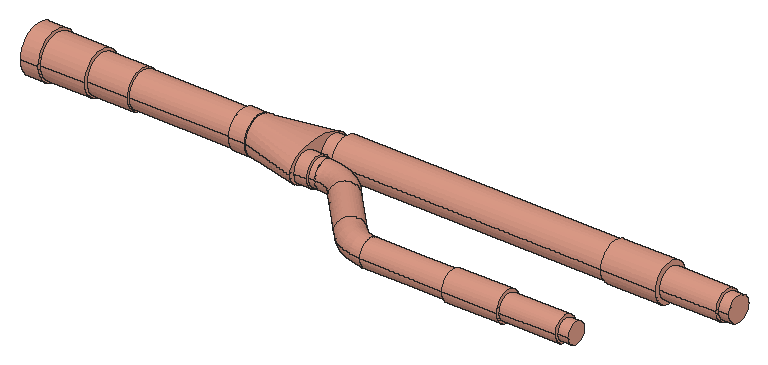
Revit family "outputfile", category 配管付属品, Revit 2024
Family settings
  丸型コネクタ寸法 = 半径を使用
  パーツ タイプ = 標準
  OmniClass 番号 = 23.65.55.00
  OmniClass タイトル = Distribution of Supplied Liquids/Gases
  作業面ベース = いいえ
  常に垂直 = はい
  ロード時にボイドで切り取り = いいえ
  共有 = いいえ
Parameters (values of type "BHRP26A72TA")
  製造元 = "Daikin"
  書き出し IFC クラス(タイプ) = "IfcPipeFittingType"
  既定の高さ = 0.0 mm
  定義済み IFC タイプ(タイプ) = "JUNCTION"
  モデル = "BHRP26A72TA"
  table_StraightPipe [instance] = if(mm⇔inch, "Refnet Joint_BHRP26A-TA_Gas_StraightPipe", "Refnet Joint_BHRP26A-TA_Gas_StraightPipe_inch")  # "Refnet Joint_BHRP26A-TA_Gas_StraightPipe"
  table_BranchPipe [instance] = if(mm⇔inch, "Refnet Joint_BHRP26A-TA_Gas_BranchPipe", "Refnet Joint_BHRP26A-TA_Gas_BranchPipe_inch")  # "Refnet Joint_BHRP26A-TA_Gas_BranchPipe"
  table_Inlet [instance] = if(mm⇔inch, "Refnet Joint_BHRP26A-TA_Gas_Inlet", "Refnet Joint_BHRP26A-TA_Gas_Inlet_inch")  # "Refnet Joint_BHRP26A-TA_Gas_Inlet"
  switch_StraightPipe_Reducer [instance] = if(Is_StraightPipe Reducer = 1, 1 = 1, 1 = 0)  # no
  switch_StraightPipe3 [instance] = if(number_StraightPipe = 3, 1 = 1, 1 = 0)  # yes
  switch_StraightPipe2 [instance] = if(number_StraightPipe < 2, 1 = 0, 1 = 1)  # yes
  switch_BranchPipe_Reducer [instance] = if(Is_BranchPipe Reducer = 1, 1 = 1, 1 = 0)  # no
  switch_BranchPipe3 [instance] = if(number_BranchPipe = 3, 1 = 1, 1 = 0)  # yes
  switch_BranchPipe2 [instance] = if(number_BranchPipe < 2, 1 = 0, 1 = 1)  # yes
  switch_Inlet pipe_Reducer [instance] = if(Is_Inlet Reducer = 1, 1 = 1, 1 = 0)  # no
  switch_Inlet pipe3 [instance] = if(number_InletPipe = 3, 1 = 1, 1 = 0)  # yes
  switch_Inlet pipe2 [instance] = if(number_InletPipe < 2, 1 = 0, 1 = 1)  # yes
  mm⇔inch [instance] = yes
  l_OutletPipeSize [instance] = size_lookup(table_Inlet, "L_OutletPipeSize", 10.0 mm, モデル)  # 10.0 mm
  Uniclass2015Version = "Products v1.31"
  Uniclass2015Title = "Copper pipe fittings"
  Uniclass2015Code = "Pr_65_52_63_18"
  StraightPipe_Gas_ActualDiameter [instance] = 15.9 mm
  Material_Piping = DAIKIN_Copper_Pipe
  Material_Insulation = DAIKIN_White_Insulation
  lw_Insulation [instance] = size_lookup(table_Inlet, "lw_Insulation", 59.9 mm, モデル)  # 55.5 mm
  Unit Type = "BHRP26A-TA_Gas"
  Tag No. [instance] = ""
  StraightPipe_Gas_Status [instance] = size_lookup(table_StraightPipe, "Information", "The connected pipe size is not available.", モデル, StraightPipe_Gas_ActualDiameter)  # "Default connector size is used."
  Link_Nested Family [instance] = ""
  Inlet_Gas_Actual Diameter [instance] = 31.8 mm
  IfcVersion = ""
  IfcExportType = "JUNCTION"
  IfcExportAs = "IfcPipeFittingType"
  BranchPipe_Gas_Status [instance] = size_lookup(table_BranchPipe, "Information", "The connected pipe size is not available.", モデル, BranchPipe_Gas_ActualDiameter)  # "Default connector size is used."
  Inlet_Gas_Status [instance] = size_lookup(table_Inlet, "Information", "The connected pipe size is not available.", モデル, Inlet_Gas_Actual Diameter)  # "Default connector size is used."
  Series = "Refnet Joint"
  O.R_dividePipe_Inlet [instance] = (I.D_InletPipe1 + 2.0 mm) / 2  # 13.7 mm
  r_StraightPipe_Connector [instance] = StraightPipe_Gas_ActualDiameter / 2  # 7.95 mm
  r_BranchPipe_Connector [instance] = BranchPipe_Gas_ActualDiameter / 2  # 6.35 mm
  r_Inlet_Connector [instance] = Inlet_Gas_Actual Diameter / 2  # 15.9 mm
  number_StraightPipe [instance] = size_lookup(table_StraightPipe, "pipeNumber", 2, モデル, StraightPipe_Gas_ActualDiameter)  # 3
  number_BranchPipe [instance] = size_lookup(table_BranchPipe, "pipeNumber", 2, モデル, BranchPipe_Gas_ActualDiameter)  # 3
  number_InletPipe [instance] = size_lookup(table_Inlet, "pipeNumber", 3, モデル, Inlet_Gas_Actual Diameter)  # 3
  r_BranchPipeR [instance] = size_lookup(table_BranchPipe, "r_offsetPipeR", 25.0 mm, モデル, BranchPipe_Gas_ActualDiameter)  # 30.0 mm
  l_BranchPipe_Straight2 [instance] = size_lookup(table_BranchPipe, "L_offsetPipe2", 44.0 mm, モデル)  # 61.0 mm
  l_BranchPipe_Straight1 [instance] = size_lookup(table_BranchPipe, "L_offsetPipe1", 5.0 mm, モデル)  # 5.0 mm
  l_BranchPipe connector [instance] = size_lookup(table_BranchPipe, "Length", 170.0 mm, モデル, BranchPipe_Gas_ActualDiameter)  # 243.0 mm
  l_inlet connector [instance] = size_lookup(table_Inlet, "Length", 130.0 mm, モデル, Inlet_Gas_Actual Diameter)  # 162.0 mm
  l_dividePipe [instance] = size_lookup(table_Inlet, "L_devidePipe", 38.0 mm, モデル)  # 43.0 mm
  l_StraightPipeReducer [instance] = size_lookup(table_StraightPipe, "L_Reducer", 80.0 mm, モデル, StraightPipe_Gas_ActualDiameter)  # 100.0 mm
  l_StraightPipe3 [instance] = size_lookup(table_StraightPipe, "L_Pipe3", 2.0 mm, モデル)  # 8.0 mm
  l_StraightPipe2 [instance] = size_lookup(table_StraightPipe, "L_Pipe2", 9.0 mm, モデル)  # 42.0 mm
  l_StraightPipe1 [instance] = size_lookup(table_StraightPipe, "L_Pipe1", 40.0 mm, モデル)  # 40.0 mm
  l_StraightPipe0 [instance] = size_lookup(table_StraightPipe, "L_Pipe0", 153.0 mm, モデル)  # 198.0 mm
  l_StraightPipe connector [instance] = size_lookup(table_StraightPipe, "Length", 212.0 mm, モデル, StraightPipe_Gas_ActualDiameter)  # 298.0 mm
  l_BranchPipe Reducer [instance] = size_lookup(table_BranchPipe, "L_Reducer", 80.0 mm, モデル, BranchPipe_Gas_ActualDiameter)  # 100.0 mm
  l_BranchPipe3 [instance] = size_lookup(table_BranchPipe, "L_Pipe3", 2.0 mm, モデル)  # 8.0 mm
  l_BranchPipe2 [instance] = size_lookup(table_BranchPipe, "L_Pipe2", 9.0 mm, モデル)  # 42.0 mm
  l_BranchPipe1 [instance] = size_lookup(table_BranchPipe, "L_Pipe1", 40.0 mm, モデル)  # 40.0 mm
  l_BranchPipe0 [instance] = size_lookup(table_BranchPipe, "L_Pipe0", 111.0 mm, モデル)  # 143.0 mm
  l_InletReducer [instance] = size_lookup(table_Inlet, "L_Reducer", 100.0 mm, モデル, Inlet_Gas_Actual Diameter)  # 100.0 mm
  l_InletPipe3 [instance] = size_lookup(table_Inlet, "L_Pipe3", 9.0 mm, モデル)  # 13.0 mm
  l_InletPipe2 [instance] = size_lookup(table_Inlet, "L_Pipe2", 42.0 mm, モデル)  # 33.0 mm
  l_InletPipe1 [instance] = size_lookup(table_Inlet, "L_Pipe1", 38.0 mm, モデル)  # 30.0 mm
  l_InletPipe0 [instance] = size_lookup(table_Inlet, "L_Pipe0", 29.0 mm, モデル)  # 74.0 mm
  center_StraightPipe [instance] = size_lookup(table_StraightPipe, "center_Pipe", 11.5 mm, モデル)  # 12.5 mm
  center_BranchPipe2 [instance] = size_lookup(table_BranchPipe, "center_OffsetPipe", 68.5 mm, モデル)  # 67.5 mm
  center_BranchPipe1 [instance] = size_lookup(table_BranchPipe, "center_Pipe", 11.5 mm, モデル)  # 12.5 mm
  StraightPipe_Gas_AvailableDiameter [instance] = size_lookup(table_StraightPipe, "sizeVariation", "", モデル)  # "15.9/19.1/22.2/25.4/28.6mm"
  BranchPipe_Gas_AvailableDiameter [instance] = size_lookup(table_BranchPipe, "sizeVariation", "", モデル)  # "12.7/15.9/19.1/22.2/28.6mm"
  Inlet_Gas_Available Diameter [instance] = size_lookup(table_Inlet, "sizeVariation", "", モデル)  # "25.4/28.6/31.8mm"
  O.D_StraightPipe Reducer [instance] = size_lookup(table_StraightPipe, "O.D_reducer", 2.0 mm, モデル, StraightPipe_Gas_ActualDiameter)  # 2.0 mm
  O.D_Offset Outlet Reducer [instance] = size_lookup(table_BranchPipe, "O.D_reducer", 2.0 mm, モデル, BranchPipe_Gas_ActualDiameter)  # 2.0 mm
  O.D_Inlet Reducer [instance] = size_lookup(table_Inlet, "O.D_reducer", 2.0 mm, モデル, Inlet_Gas_Actual Diameter)  # 2.0 mm
  Is_StraightPipe Reducer [instance] = size_lookup(table_StraightPipe, "IsReducer", 0, モデル, StraightPipe_Gas_ActualDiameter)  # 0
  Is_BranchPipe Reducer [instance] = size_lookup(table_BranchPipe, "IsReducer", 0, モデル, BranchPipe_Gas_ActualDiameter)  # 0
  Is_Inlet Reducer [instance] = size_lookup(table_Inlet, "IsReducer", 0, モデル, Inlet_Gas_Actual Diameter)  # 0
  BranchPipe_Gas_ActualDiameter [instance] = 12.7 mm
  Attach_Insulation [instance] = no
  I.D_StraightPipe3 [instance] = size_lookup(table_StraightPipe, "I.D_PipeSize3", 2.0 mm, モデル)  # 15.9 mm
  I.D_StraightPipe2 [instance] = size_lookup(table_StraightPipe, "I.D_PipeSize2", 12.7 mm, モデル)  # 19.1 mm
  I.D_StraightPipe1 [instance] = size_lookup(table_StraightPipe, "I.D_PipeSize1", 15.9 mm, モデル)  # 25.4 mm
  I.D_StraightPipe0 [instance] = size_lookup(table_StraightPipe, "I.D_PipeSize0", 13.9 mm, モデル)  # 23.4 mm
  I.D_BranchPipe3 [instance] = size_lookup(table_BranchPipe, "I.D_PipeSize3", 2.0 mm, モデル)  # 12.7 mm
  I.D_BranchPipe2 [instance] = size_lookup(table_BranchPipe, "I.D_PipeSize2", 12.7 mm, モデル)  # 15.9 mm
  I.D_BranchPipe1 [instance] = size_lookup(table_BranchPipe, "I.D_PipeSize1", 15.9 mm, モデル)  # 19.1 mm
  I.D_BranchPipe0 [instance] = size_lookup(table_BranchPipe, "I.D_PipeSize0", 13.9 mm, モデル)  # 17.1 mm
  I.D_Straight Reducer [instance] = size_lookup(table_StraightPipe, "I.D_reducer", 2.0 mm, モデル, StraightPipe_Gas_ActualDiameter)  # 2.0 mm
  I.D_OutletPipe [instance] = size_lookup(table_Inlet, "I.D_OutletPipeSize", 16.0 mm, モデル, Inlet_Gas_Actual Diameter)  # 19.2 mm
  I.D_Branch Reducer [instance] = size_lookup(table_BranchPipe, "I.D_reducer", 2.0 mm, モデル, BranchPipe_Gas_ActualDiameter)  # 2.0 mm
  I.D_Inlet Reducer [instance] = size_lookup(table_Inlet, "I.D_reducer", 2.0 mm, モデル, Inlet_Gas_Actual Diameter)  # 2.0 mm
  I.D_InletPipe3 [instance] = size_lookup(table_Inlet, "I.D_PipeSize3", 12.7 mm, モデル)  # 31.8 mm
  I.D_InletPipe2 [instance] = size_lookup(table_Inlet, "I.D_PipeSize2", 15.9 mm, モデル)  # 28.6 mm
  I.D_InletPipe1 [instance] = size_lookup(table_Inlet, "I.D_PipeSize1", 19.1 mm, モデル)  # 25.4 mm
  I.D_InletPipe0 [instance] = size_lookup(table_Inlet, "I.D_PipeSize0", 17.1 mm, モデル)  # 23.4 mm
Reference planes
  plane 1 "Center (Front/Back)": y = 0
  plane 2: z = 0
  plane 3 "base_left": x = 0
  plane 4: x = 13
  plane 5: x = 46
  plane 6: x = 76
  plane 7: x = 150
  plane 8: x = 162
  plane 9: x = 205
  plane 10: x = 215
  plane 11 "center_straight outlet": y = 12.5
  plane 12 "center2_offset outlet": y = -67.5
  plane 13 "center1_offset outlet": y = -12.5
  plane 14: x = 413
  plane 15: x = 453
  plane 16: x = 495
  plane 17: x = 358
  plane 18: x = 398
  plane 19: x = 440
  plane 20: x = 503
  plane 21: x = 448
  plane 22 "Reducer_straightoutlet": x = 448
  plane 23: x = 503
  plane 24: y = -26.2
  plane 25: z = 13.7
  plane 26 "Inlet_connector": x = 0
  plane 27 "Left_Insulation": x = 106.5
Forms (mm)
  SweptBlend 1, solid, material "DAIKIN_Copper_Pipe" <- "Material_Piping"
    path origin (0, 0, 0) x (1, 0, 0) y (0, 1, 0)
      loop
        line (162, 0) -> (205, 0)
    profile origin (162, 0, 0) x (0, 1, 0) y (0, 0, 1)
      loop
        circle (0, 0) r 13.7
    end profile origin (205, 0, 0) x (0, 1, 0) y (0, 0, 1)
      loop
        spline (-26.2, 0) -> (-25.307, -3.546) -> (-22.69, -6.85) -> (-18.526, -9.687) -> (-13.1, -11.865) -> (-6.781, -13.233) -> (0, -13.7) -> (6.781, -13.233) -> (13.1, -11.865) -> (18.526, -9.687) -> (22.69, -6.85) -> (25.307, -3.546) -> (26.2, 0)
        spline (26.2, 0) -> (25.307, 3.546) -> (22.69, 6.85) -> (18.526, 9.687) -> (13.1, 11.865) -> (6.781, 13.233) -> (0, 13.7) -> (-6.781, 13.233) -> (-13.1, 11.865) -> (-18.526, 9.687) -> (-22.69, 6.85) -> (-25.307, 3.546) -> (-26.2, 0)
Dimensions and locks
  "l_InletPipe3": plane 3 "base_left" to plane 4
  "l_InletPipe2": plane 4 to plane 5
  "l_InletPipe1": plane 5 to plane 6
  "l_InletPipe0": plane 6 to plane 7
  plane 7 to plane 8 = 12.0 mm
  "center_StraightPipe": plane 1 "Center (Front/Back)" to plane 11 "center_straight outlet"
  "center_BranchPipe2": plane 12 "center2_offset outlet" to plane 1 "Center (Front/Back)"
  "center_BranchPipe1": plane 13 "center1_offset outlet" to plane 1 "Center (Front/Back)"
  "l_dividePipe": plane 8 to plane 9
  "l_OutletPipeSize": plane 9 to plane 10
  "l_StraightPipe0": plane 10 to plane 14
  "l_BranchPipe0": plane 10 to plane 17
  "l_BranchPipe1": plane 17 to plane 18
  "l_BranchPipe2": plane 18 to plane 19
  "l_StraightPipe1": plane 14 to plane 15
  "l_StraightPipe2": plane 15 to plane 16
  "l_StraightPipe3": plane 16 to plane 20
  "l_BranchPipe3": plane 19 to plane 21
  "l_BranchPipe connector": plane 9 to plane 22 "Reducer_straightoutlet"
  "l_StraightPipe connector": plane 9 to plane 23
  "O.R_dividePipe_Inlet": plane 24 to plane 13 "center1_offset outlet"
  "O.R_dividePipe_Inlet": plane 25 to plane 2
  "l_inlet connector": plane 26 "Inlet_connector" to plane 8
  "lw_Insulation": plane 27 "Left_Insulation" to plane 8
  "O.R_dividePipe_Inlet": radius of SweptBlend 1 sketch curve
  aligned and locked: level to plane 2
  aligned and locked: plane 2 to nested 1
  aligned and locked: plane 3 "base_left" to nested 1
  aligned and locked: plane 1 "Center (Front/Back)" to nested 1
  aligned and locked: plane 4 to nested 2
  aligned and locked: plane 1 "Center (Front/Back)" to nested 2
  aligned and locked: plane 5 to nested 2
  aligned and locked: plane 5 to nested 3
  aligned and locked: plane 6 to nested 3
  aligned and locked: plane 6 to nested 4
  aligned and locked: nested 4 to plane 7
  aligned and locked: nested 5 to plane 7
  aligned and locked: nested 5 to plane 8
  aligned and locked: plane 8 to SweptBlend 1 sketch curve
  aligned and locked: plane 9 to SweptBlend 1 sketch curve
  aligned and locked: plane 2 to SweptBlend 1 sketch curve  (x2)
  aligned and locked: plane 1 "Center (Front/Back)" to SweptBlend 1 sketch curve  (x2)
  aligned and locked: nested 6 to plane 9
  aligned and locked: nested 7 to plane 9
  aligned and locked: nested 6 to plane 11 "center_straight outlet"
  aligned and locked: nested 7 to plane 13 "center1_offset outlet"
  aligned and locked: nested 7 to plane 10
  aligned and locked: nested 6 to plane 10
  aligned and locked: nested 8 to plane 10
  aligned and locked: plane 14 to nested 8
  aligned and locked: nested 8 to plane 11 "center_straight outlet"
  aligned and locked: plane 14 to nested 9
  aligned and locked: nested 9 to plane 11 "center_straight outlet"
  aligned and locked: plane 15 to nested 9
  aligned and locked: nested 10 to plane 11 "center_straight outlet"
  aligned and locked: plane 15 to nested 10
  aligned and locked: plane 16 to nested 10
  aligned and locked: nested 11 to plane 12 "center2_offset outlet"
  aligned and locked: plane 17 to nested 11
  aligned and locked: plane 18 to nested 11
  aligned and locked: nested 12 to plane 12 "center2_offset outlet"
  aligned and locked: plane 18 to nested 12
  aligned and locked: plane 19 to nested 12
  aligned and locked: nested 13 to plane 10
  aligned and locked: nested 13 to plane 13 "center1_offset outlet"
  aligned and locked: nested 13 to plane 12 "center2_offset outlet"
  aligned and locked: plane 8 to nested 14
  aligned and locked: plane 1 "Center (Front/Back)" to nested 14
  aligned and locked: plane 11 "center_straight outlet" to nested 15
  aligned and locked: nested 15 to plane 9
  aligned and locked: nested 16 to plane 9
  aligned and locked: plane 12 "center2_offset outlet" to nested 16
  aligned and locked: nested 17 to plane 1 "Center (Front/Back)"
  aligned and locked: plane 16 to nested 18
  aligned and locked: plane 20 to nested 18
  aligned and locked: plane 19 to nested 19
  aligned and locked: plane 21 to nested 19
  aligned and locked: nested 20 to plane 12 "center2_offset outlet"
  aligned and locked: plane 23 to nested 21
  aligned and locked: nested 21 to plane 11 "center_straight outlet"
  aligned and locked: plane 4 to nested 1
  aligned and locked: plane 24 to SweptBlend 1 sketch curve
  aligned and locked: plane 25 to SweptBlend 1 sketch curve
  aligned and locked: nested 19 to plane 12 "center2_offset outlet"
  aligned and locked: nested 18 to plane 11 "center_straight outlet"
  aligned and locked: nested 17 to plane 26 "Inlet_connector"
  aligned and locked: plane 22 "Reducer_straightoutlet" to nested 20
  aligned and locked: plane 27 "Left_Insulation" to nested 22
  aligned and locked: plane 1 "Center (Front/Back)" to nested 22
Automatic sketch dimensions
  plane 1 "Center (Front/Back)" to SweptBlend 1 sketch curve = 0.0 mm
Nested families
  nested 1: "daikin_Pipe" at (6.5, 0, 0), I.D_Pipe <- "I.D_InletPipe3", display <- "switch_Inlet pipe3", type "*"
    with length_Pipe 13.0 mm, display yes, O.D_Pipe 33.8 mm, I.D_Pipe 31.8 mm
  nested 2: "daikin_Pipe" at (29.5, 0, 0), I.D_Pipe <- "I.D_InletPipe2", display <- "switch_Inlet pipe2", type "*"
    with length_Pipe 33.0 mm, display yes, O.D_Pipe 30.6 mm, I.D_Pipe 28.6 mm
  nested 3: "daikin_Pipe" at (61, 0, 0), I.D_Pipe <- "I.D_InletPipe1", type "*"
    with length_Pipe 30.0 mm, display yes, O.D_Pipe 27.4 mm, I.D_Pipe 25.4 mm
  nested 4: "daikin_Pipe" at (113, 0, 0), I.D_Pipe <- "I.D_InletPipe0", type "*"
    with length_Pipe 74.0 mm, display yes, O.D_Pipe 25.4 mm, I.D_Pipe 23.4 mm
  nested 5: "daikin_Pipe" at (156, 0, 0), I.D_Pipe <- "I.D_InletPipe1", type "*"
    with length_Pipe 12.0 mm, display yes, O.D_Pipe 27.4 mm, I.D_Pipe 25.4 mm
  nested 6: "daikin_Pipe" at (210, 12.5, 0), I.D_Pipe <- "I.D_OutletPipe", type "*"
    with length_Pipe 10.0 mm, display yes, O.D_Pipe 21.2 mm, I.D_Pipe 19.2 mm
  nested 7: "daikin_Pipe" at (210, -12.5, 0), I.D_Pipe <- "I.D_OutletPipe", type "*"
    with length_Pipe 10.0 mm, display yes, O.D_Pipe 21.2 mm, I.D_Pipe 19.2 mm
  nested 8: "daikin_Pipe" at (314, 12.5, 0), I.D_Pipe <- "I.D_StraightPipe0", type "*"
    with length_Pipe 198.0 mm, display yes, O.D_Pipe 25.4 mm, I.D_Pipe 23.4 mm
  nested 9: "daikin_Pipe" at (433, 12.5, 0), I.D_Pipe <- "I.D_StraightPipe1", type "*"
    with length_Pipe 40.0 mm, display yes, O.D_Pipe 27.4 mm, I.D_Pipe 25.4 mm
  nested 10: "daikin_Pipe" at (474, 12.5, 0), I.D_Pipe <- "I.D_StraightPipe2", display <- "switch_StraightPipe2", type "*"
    with length_Pipe 42.0 mm, display yes, O.D_Pipe 21.1 mm, I.D_Pipe 19.1 mm
  nested 11: "daikin_Pipe" at (378, -67.5, 0), I.D_Pipe <- "I.D_BranchPipe1", type "*"
    with length_Pipe 40.0 mm, display yes, O.D_Pipe 21.1 mm, I.D_Pipe 19.1 mm
  nested 12: "daikin_Pipe" at (419, -67.5, 0), I.D_Pipe <- "I.D_BranchPipe2", display <- "switch_BranchPipe2", type "*"
    with length_Pipe 42.0 mm, display yes, O.D_Pipe 17.9 mm, I.D_Pipe 15.9 mm
  nested 13: "daikin_Pipe Ofsset" at (215, -12.5, 0), I.D_Pipe size <- "I.D_BranchPipe0", length_straight pipe1 <- "l_BranchPipe_Straight1", length_straight pipe2 <- "l_BranchPipe_Straight2", r_Pipe R <- "r_BranchPipeR", length_Pipe <- "l_BranchPipe0", type "*"
    with r_Pipe R 30.0 mm, length_straight pipe2 61.0 mm, length_straight pipe1 5.0 mm, length_offset center 55.0 mm, length_Pipe 143.0 mm, O.D_Pipe size 19.1 mm, I.D_Pipe size 17.1 mm
  nested 14: "daikin_connector_rotate2" at (162, 0, 0) x (0, -1, 0) z (0, 0, 1), length <- "l_inlet connector", type "daikin_connector_rotate2"
    with radius 5.0 mm, length 162.0 mm, angle_vertical 90.00°, locaton_mark no
  nested 15: "daikin_connector_rotate2" at (205, 12.5, 0) x (0, 1, 0) z (0, 0, 1), length <- "l_StraightPipe connector", type "daikin_connector_rotate2"
    with radius 5.0 mm, length 298.0 mm, angle_vertical 90.00°, locaton_mark no
  nested 16: "daikin_connector_rotate2" at (205, -67.5, 0) x (0, 1, 0) z (0, 0, 1), length <- "l_BranchPipe connector", type "daikin_connector_rotate2"
    with radius 5.0 mm, length 243.0 mm, angle_vertical 90.00°, locaton_mark no
  nested 17: "daikin_Pipe_reducer" at (50, 0, 0) x (-1, 0, 0) z (0, 0, 1), display <- "switch_Inlet pipe_Reducer", length_Pipe <- "l_InletReducer", I.D_Pipe1 <- "I.D_Inlet Reducer", O.D_Pipe2 <- "O.D_Inlet Reducer", type "*"
    with length_Pipe 100.0 mm, display no, O.D_Pipe2 2.0 mm, O.D_Pipe1 4.0 mm, I.D_Pipe2 0.0 mm, I.D_Pipe1 2.0 mm
  nested 18: "daikin_Pipe" at (499, 12.5, 0), I.D_Pipe <- "I.D_StraightPipe3", display <- "switch_StraightPipe3", type "*"
    with length_Pipe 8.0 mm, display yes, O.D_Pipe 17.9 mm, I.D_Pipe 15.9 mm
  nested 19: "daikin_Pipe" at (444, -67.5, 0), I.D_Pipe <- "I.D_BranchPipe3", display <- "switch_BranchPipe3", type "*"
    with length_Pipe 8.0 mm, display yes, O.D_Pipe 14.7 mm, I.D_Pipe 12.7 mm
  nested 20: "daikin_Pipe_reducer" at (398, -67.5, 0), I.D_Pipe1 <- "I.D_Branch Reducer", O.D_Pipe2 <- "O.D_Offset Outlet Reducer", length_Pipe <- "l_BranchPipe Reducer", display <- "switch_BranchPipe_Reducer", type "*"
    with length_Pipe 100.0 mm, display no, O.D_Pipe2 2.0 mm, O.D_Pipe1 4.0 mm, I.D_Pipe2 0.0 mm, I.D_Pipe1 2.0 mm
  nested 21: "daikin_Pipe_reducer" at (453, 12.5, 0), I.D_Pipe1 <- "I.D_Straight Reducer", O.D_Pipe2 <- "O.D_StraightPipe Reducer", length_Pipe <- "l_StraightPipeReducer", display <- "switch_StraightPipe_Reducer", type "*"
    with length_Pipe 100.0 mm, display no, O.D_Pipe2 2.0 mm, O.D_Pipe1 4.0 mm, I.D_Pipe2 0.0 mm, I.D_Pipe1 2.0 mm
  nested 22: "daikin_Insulation_RefnetJoint" at (106.5, 0, 0), I.D_Outlet PipeSize <- "I.D_OutletPipe", type "*"
    with h 51.2 mm, I.D_Outlet PipeSize 19.2 mm, r_Insulation 11.0 mm, h_Insulation 200.0 mm, d_Insulation3_3 73.0 mm, d_Insulation2_2 43.5 mm, d_Insulation1_1 30.0 mm, w_Insulation4 60.3 mm, w_Insulation3 41.3 mm, w_Insulation2 72.0 mm, w_Insulation1 20.0 mm, d_Insulation3 65.0 mm, d_Insulation2 43.5 mm, d_Insulation1 30.0 mm
Connectors
  piping at (0, 0, 0), diameter 31.8, driven by "r_Inlet_Connector"
    settings: on nested 14, index 1, connector inside diameter 609.6 mm, connector length 0.0 mm, flow factor 0, pipe flow 0.00 m³/h, pressure drop 0.0 Pa, fitting loss kfactor 0, connector angle 0.00°, fixture units 0, engagement length 0.0 mm, angle of deflection 0.00°, flow configuration 0, flow direction 2, fitting loss method 0, system type 29, joint type 0, gender type 0, connector reference index -1, connector utility 0, adjustable connector no, is connector primary yes, connector description "Refnet Joint_Inlet_Gas"
  piping at (448, -67.5, 0), diameter 12.7, driven by "r_BranchPipe_Connector"
    settings: on nested 16, index 2, connector inside diameter 609.6 mm, connector length 0.0 mm, flow factor 0, pipe flow 0.00 m³/h, pressure drop 0.0 Pa, fitting loss kfactor 0, connector angle 0.00°, fixture units 0, engagement length 0.0 mm, angle of deflection 0.00°, flow configuration 0, flow direction 1, fitting loss method 0, system type 29, joint type 0, gender type 0, connector reference index -1, connector utility 0, adjustable connector no, is connector primary no, connector description "Refnet Joint_Outlet Branch_Gas"
  piping at (503, 12.5, 0), diameter 15.9, driven by "r_StraightPipe_Connector"
    settings: on nested 15, index 3, connector inside diameter 609.6 mm, connector length 0.0 mm, flow factor 0, pipe flow 0.00 m³/h, pressure drop 0.0 Pa, fitting loss kfactor 0, connector angle 0.00°, fixture units 0, engagement length 0.0 mm, angle of deflection 0.00°, flow configuration 0, flow direction 1, fitting loss method 0, system type 29, joint type 0, gender type 0, connector reference index -1, connector utility 0, adjustable connector no, is connector primary no, connector description "Refnet Joint_Outlet Straight_Gas"
Definition of nested family "daikin_Pipe"
  Parameters (values of type "*")
    Default Elevation = 0.0 mm
    material = none
    length_Pipe [instance] = 150.0 mm
    display [instance] = yes
    O.D_Pipe [instance] = I.D_Pipe + 2.0 mm  # 27.0 mm
    I.D_Pipe [instance] = 25.0 mm
  Reference planes
    plane 1 "Center (Front/Back)": y = 0
    plane 2 "center(vertical)": z = 0
    plane 3 "Center (Left/Right)": x = 0
    plane 4 "left": x = -75
    plane 5 "right": x = 75
  Forms (mm)
    Extrusion 1, solid, material <- "material", visible <- "display"
      sketch origin (0, 0, 0) x (0, 1, 0) y (0, 0, 1)
        loop
          circle (0, 0) r 13.5
      from -75 to 75
  Dimensions and locks
    equal spacing: plane 4 "left", plane 3 "Center (Left/Right)", plane 5 "right"
    "length_Pipe": plane 4 "left" to plane 5 "right"
    "O.D_Pipe": diameter of Extrusion 1 sketch curve
    aligned and locked: level to plane 2 "center(vertical)"
    aligned and locked: plane 2 "center(vertical)" to Extrusion 1 sketch curve
    aligned and locked: plane 1 "Center (Front/Back)" to Extrusion 1 sketch curve
    aligned and locked: plane 5 "right" to Extrusion 1
    aligned and locked: Extrusion 1 to plane 4 "left"
Definition of nested family "daikin_Pipe Ofsset"
  Parameters (values of type "*")
    Default Elevation = 0.0 mm
    r_Pipe R [instance] = 40.0 mm
    material = none
    length_straight pipe2 [instance] = 43.0 mm
    length_straight pipe1 [instance] = 5.0 mm
    length_offset center [instance] = 57.0 mm
    length_Pipe [instance] = 110.0 mm
    O.D_Pipe size [instance] = I.D_Pipe size + 2.0 mm  # 12.0 mm
    I.D_Pipe size [instance] = 10.0 mm
  Reference planes
    plane 1 "Center (Front/Back)": y = 0
    plane 2: z = 0
    plane 3 "Center (Left/Right)": x = 0
    plane 4: y = -57
    plane 5: x = 110
    plane 6: x = 67
    plane 7: x = 5
  Forms (mm)
    Sweep 1, solid, material <- "material"
      path origin (0, 0, 0) x (1, 0, 0) y (0, 1, 0)
        loop
          line (0, 0) -> (5, 0)
          arc (5, 0) -> (20.74, -3.227) -> (33.94, -12.387) r 40
          line (33.94, -12.387) -> (38.06, -44.613)
          arc (38.06, -44.613) -> (51.26, -53.773) -> (67, -57) r 40
          line (67, -57) -> (110, -57)
      profile origin (2.5, 0, 0) x (0, 1, 0) y (0, 0, 1)
        loop
          circle (0, 0) r 6
  Dimensions and locks
    "length_offset center": plane 4 to plane 1 "Center (Front/Back)"
    "length_straight pipe1": plane 3 "Center (Left/Right)" to plane 7
    "length_Pipe": plane 3 "Center (Left/Right)" to plane 5
    "length_straight pipe2": plane 6 to plane 5
    "O.D_Pipe size": diameter of Sweep 1 sketch curve
    "r_Pipe R": radius of Sweep 1 sketch curve  (x2)
    aligned and locked: level to plane 2
    aligned and locked: plane 1 "Center (Front/Back)" to Sweep 1 sketch curve
    aligned and locked: profile plane to Sweep 1 sketch curve
    aligned and locked: plane 5 to Sweep 1 sketch curve
    aligned and locked: plane 7 to Sweep 1 sketch curve
    aligned and locked: plane 6 to Sweep 1 sketch curve
  Automatic sketch dimensions
    plane 1 "Center (Front/Back)" to Sweep 1 sketch curve = 0.0 mm
    Sweep 1 sketch curve to plane 3 "Center (Left/Right)" = 0.0 mm
    plane 4 to Sweep 1 sketch curve = 0.0 mm
    plane 1 "Center (Front/Back)" to Sweep 1 sketch curve = 12.387 mm
    Sweep 1 sketch curve to plane 4 = 12.387 mm
Definition of nested family "daikin_connector_rotate2"
  Parameters (values of type "daikin_connector_rotate2")
    show_face = no
    radius [instance] = 10.0 mm
    locaton_mark = yes
    length [instance] = 600.0 mm
    d_surface = 10.0 mm
    angle_vertical [instance] = 90.00°
    Default Elevation = 0.0 mm
  Reference planes
    plane 1 "Center (Front/Back)": y = 0
    plane 2: z = 0
    plane 3 "Center (Left/Right)": x = 0
  Forms (mm)
    Extrusion 1, solid, visible <- "show_face"
      sketch origin (0, -600, 0) x (1, 0, 0) y (0, 0, 1)
        loop
          circle (0, 0) r 10
      from 0 to -10
  Lines and regions (mm)
    reference lines
      curve 1: line (0, 0, 0) -> (0, -600, 0)
    symbolic lines, visible <- "locaton_mark"
      curve 2: circle (0, 0, 0) r 5 normal (0, 0, 1)
    model lines, visible <- "show_face"
      curve 3: line (0, 0, 0) -> (0, -600, 0)
  Dimensions and locks
    "length": curve 1 to curve 1
    "length": curve 3 to curve 3
    "d_surface": Extrusion 1 to Extrusion 1
    "radius": radius of Extrusion 1 sketch curve
    "angle_vertical": angle curve 1 to plane 1 "Center (Front/Back)"
    "angle_vertical": angle curve 3 to plane 1 "Center (Front/Back)"
    aligned and locked: level to plane 2
    aligned and locked: plane 1 "Center (Front/Back)" to curve 1
    aligned and locked: plane 2 to curve 1
    aligned and locked: plane 1 "Center (Front/Back)" to curve 2
    aligned and locked: plane 3 "Center (Left/Right)" to curve 2
    aligned and locked: plane 1 "Center (Front/Back)" to curve 3
    aligned and locked: plane 2 to curve 3
    aligned and locked: Extrusion 1 to Extrusion 1
  Automatic sketch dimensions
    Extrusion 1 sketch curve to level = 0.0 mm
    Extrusion 1 sketch curve to plane 3 "Center (Left/Right)" = 0.0 mm
    radius of curve 2 = 5.0 mm
Definition of nested family "daikin_Pipe_reducer"
  Parameters (values of type "*")
    Default Elevation = 0.0 mm
    material = none
    length_Pipe [instance] = 250.0 mm
    display [instance] = yes
    O.D_Pipe2 [instance] = 19.1 mm
    O.D_Pipe1 [instance] = I.D_Pipe1 + 2.0 mm  # 24.2 mm
    I.D_Pipe2 [instance] = O.D_Pipe2 - 2.0 mm  # 17.1 mm
    I.D_Pipe1 [instance] = 22.2 mm
  Reference planes
    plane 1 "Center (Front/Back)": y = 0
    plane 2 "center(vertical)": z = 0
    plane 3 "Center (Left/Right)": x = 0
    plane 4 "connection": x = -125
    plane 5 "right": x = 113
    plane 6: x = 125
  Forms (mm)
    Extrusion 1, solid, material <- "material", visible <- "display"
      sketch origin (0, 0, 0) x (0, 1, 0) y (0, 0, 1)
        loop
          circle (0, 0) r 9.55
      from -125 to 113
    Extrusion 2, solid, material <- "material", visible <- "display"
      sketch origin (0, 0, 0) x (0, 1, 0) y (0, 0, 1)
        loop
          circle (0, 0) r 12.1
      from 113 to 125
  Dimensions and locks
    locked: plane 5 "right" to plane 6 at 12
    "length_Pipe": plane 4 "connection" to plane 6
    equal spacing: plane 4 "connection", plane 3 "Center (Left/Right)", plane 6
    "O.D_Pipe2": diameter of Extrusion 1 sketch curve
    "O.D_Pipe1": diameter of Extrusion 2 sketch curve
    aligned and locked: level to plane 2 "center(vertical)"
    aligned and locked: plane 2 "center(vertical)" to Extrusion 1 sketch curve
    aligned and locked: plane 1 "Center (Front/Back)" to Extrusion 1 sketch curve
    aligned and locked: plane 5 "right" to Extrusion 1
    aligned and locked: Extrusion 1 to plane 4 "connection"
    aligned and locked: plane 2 "center(vertical)" to Extrusion 2 sketch curve
    aligned and locked: plane 1 "Center (Front/Back)" to Extrusion 2 sketch curve
    aligned and locked: Extrusion 2 to plane 5 "right"
    aligned and locked: plane 6 to Extrusion 2
Definition of nested family "daikin_Insulation_RefnetJoint"
  Parameters (values of type "*")
    r_Insulation = size_lookup(table_Insulation, "r_Insulation", 13.5 mm, Model)  # 13.5 mm
    h_Insulation = size_lookup(table_Insulation, "h_Insulation", 202.5 mm, Model)  # 202.5 mm
    d_Insulation3_3 = size_lookup(table_Insulation, "d_Insulation3_3", 68.0 mm, Model)  # 68.0 mm
    d_Insulation2_2 = size_lookup(table_Insulation, "d_Insulation2_2", 38.0 mm, Model)  # 38.0 mm
    d_Insulation1_1 = size_lookup(table_Insulation, "d_Insulation1_1", 26.5 mm, Model)  # 26.5 mm
    Default Elevation = 0.0 mm
    Model = "KHRP26A22TA"
    w_Insulation5 = size_lookup(table_Insulation, "w_Insulation5", 212.0 mm, Model)  # 212.0 mm
    w_Insulation4 = size_lookup(table_Insulation, "w_Insulation4", 67.0 mm, Model)  # 67.0 mm
    w_Insulation3 = size_lookup(table_Insulation, "w_Insulation3", 34.7 mm, Model)  # 34.7 mm
    w_Insulation2 = size_lookup(table_Insulation, "w_Insulation2", 80.0 mm, Model)  # 80.0 mm
    w_Insulation1 = size_lookup(table_Insulation, "w_Insulation1", 22.0 mm, Model)  # 22.0 mm
    table_Insulation = "Refnet Joint_BHRP26A-TA_Gas_Insulation"  # constant formula
    material = none
    h [instance] = (I.D_Outlet PipeSize + 2.0 mm) + 30.0 mm  # 47.0 mm
    display = no
    d_Insulation3 = size_lookup(table_Insulation, "d_Insulation3", 63.5 mm, Model)  # 63.5 mm
    d_Insulation2 = size_lookup(table_Insulation, "d_Insulation2", 41.0 mm, Model)  # 41.0 mm
    d_Insulation1 = size_lookup(table_Insulation, "d_Insulation1", 29.5 mm, Model)  # 29.5 mm
    I.D_Outlet PipeSize [instance] = 15.0 mm
  Reference planes
    plane 1 "Center (Front/Back)": y = 0
    plane 2: z = 0
    plane 3 "Left": x = 0
    plane 4 "top": z = 23.5
    plane 5 "bottom": z = -23.5
    plane 6: x = 22
    plane 7: x = 80
    plane 8: y = 26.5
    plane 9: y = -29.5
    plane 10: y = 38
    plane 11: y = -41
    plane 12: y = -93.5
    plane 13: x = 212
    plane 14: y = -30
    plane 15: x = 114.7
    plane 16: x = 145
    plane 17: x = 202.5
  Forms (mm)
    Extrusion 1, solid, material <- "material", visible <- "display"
      sketch origin (0, 0, 0) x (1, 0, 0) y (0, 1, 0)
        loop
          line (22, 26.5) -> (0, 26.5) -> (0, -29.5) -> (22, -29.5) -> (80, -41) -> (114.7, -41) -> (145, -93.5) -> (212, -93.5) -> (212, -43.5) -> (202.5, -43.5)
          arc (202.5, -43.5) -> (189, -30) -> (202.5, -16.5) r 13.5
          line (202.5, -16.5) -> (212, -16.5) -> (212, 38) -> (80, 38) -> (22, 26.5)
      from -23.5 to 23.5
  Dimensions and locks
    equal spacing: plane 4 "top", plane 2, plane 5 "bottom"
    "h": plane 4 "top" to plane 5 "bottom"
    "w_Insulation1": plane 3 "Left" to plane 6
    "w_Insulation2": plane 3 "Left" to plane 7
    "w_Insulation5": plane 3 "Left" to plane 13
    "w_Insulation3": plane 7 to plane 15
    "w_Insulation4": plane 16 to plane 13
    "d_Insulation1": plane 1 "Center (Front/Back)" to plane 9
    "d_Insulation1_1": plane 8 to plane 1 "Center (Front/Back)"
    "d_Insulation2": plane 1 "Center (Front/Back)" to plane 11
    "d_Insulation2_2": plane 10 to plane 1 "Center (Front/Back)"
    "d_Insulation3_3": plane 10 to plane 14
    "d_Insulation3": plane 14 to plane 12
    "r_Insulation": Extrusion 1 sketch curve to plane 14
    "r_Insulation": plane 14 to Extrusion 1 sketch curve
    "h_Insulation": plane 3 "Left" to plane 17
    "r_Insulation": radius of Extrusion 1 sketch curve
    aligned and locked: level to plane 2
    aligned and locked: Extrusion 1 to plane 5 "bottom"
    aligned and locked: plane 4 "top" to Extrusion 1
    aligned and locked: plane 6 to Extrusion 1  (x2)
    aligned and locked: plane 7 to Extrusion 1  (x2)
    aligned and locked: plane 6 to Extrusion 1 sketch curve
    aligned and locked: plane 11 to Extrusion 1 sketch curve
    aligned and locked: plane 7 to Extrusion 1 sketch curve  (x2)
    aligned and locked: plane 10 to Extrusion 1 sketch curve
    aligned and locked: Extrusion 1 sketch curve to plane 12
    aligned and locked: Extrusion 1 sketch curve to plane 13  (x2)
    aligned and locked: plane 16 to Extrusion 1 sketch curve
    aligned and locked: plane 15 to Extrusion 1 sketch curve
    aligned and locked: plane 17 to Extrusion 1 sketch curve
  Automatic sketch dimensions
    Extrusion 1 sketch curve to plane 3 "Left" = 0.0 mm
    Extrusion 1 sketch curve to plane 6 = 0.0 mm
    Extrusion 1 sketch curve to plane 9 = 0.0 mm
    Extrusion 1 sketch curve to plane 8 = 0.0 mm
